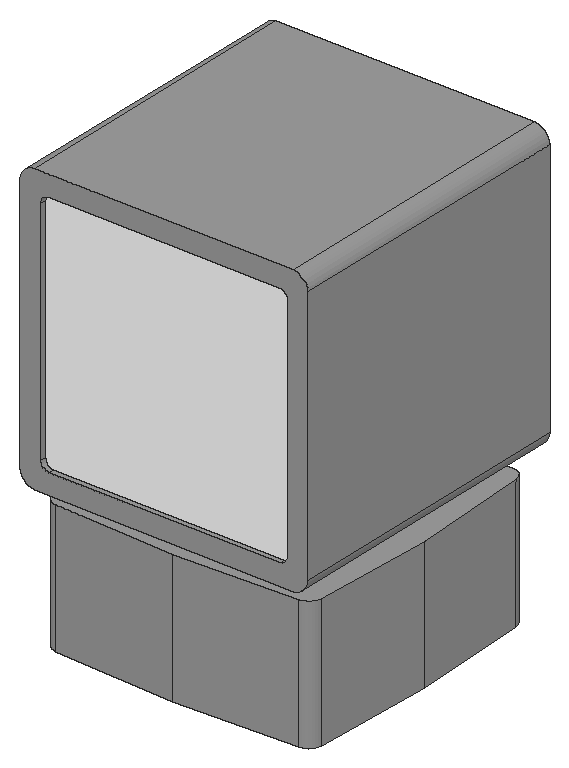
Revit family "3081025", category Lighting Fixtures, host Face, Revit 2018
Family settings
  Host = Face
  Round Connector Dimension = Use Diameter
  Part Type = Normal
  Cut with Voids When Loaded = No
  Light Source = Yes
  Shared = No
  Room Calculation Point = No
Parameters (values of type "3081025 INVERTO DIRECT NW EB BLACK")
  Weight = "n/a"
  Wattage Comments = "n/a"
  Wattage = 403.312 W
  WarrantyStartDate [instance] = "n/a"
  WarrantyGuarantorParts = "n/a"
  WarrantyDurationUnit = "n/a"
  WarrantyDurationParts = ""
  WarrantyDescription = "http://www.sylvania-lighting.com"
  built-in parameter 1150110 = 1 (stored number, unit not read)
  Voltage = 230 V
  URL = "0.95"
  TypeName = "INVERTO DIRECT NW EB BLACK"
  Type Image = <None>
  Type Comments = "n/a"
  built-in parameter 1114217 = 1 (stored number, unit not read)
  Tilt Angle = -90.00°
  built-in parameter 1150109 = 1 (stored number, unit not read)
  built-in parameter 1150134 = (empty or 0)
  built-in parameter 1150113 = 1 (stored number, unit not read)
  SerialNumber [instance] = "n/a"
  PowerFactor = 0
  PowerConsumption = "Lighting"
  Photometric Web File = "3081025.ies"
  NominalLength = 110 mm
  NominalHeight = 110 mm
  NominalDepth = 110 mm
  Name = "INVERTO DIRECT NW EB BLACK"
  ModelReference = "INVERTO DIRECT NW EB BLACK"
  ModelNumber = "3081025"
  Model = "INVERTO DIRECT NW EB BLACK"
  Material = "Feilo Sylvania"
  ManufacturerName = "101 lm/W"
  Manufacturer = ""
  LuminousEfficacy = ""
  built-in parameter 1150105 = 3145.3 (stored number, unit not read)
  Lumens = 39524.6 lm
  LuminaireType = "0"
  built-in parameter 1150115 = 1 (stored number, unit not read)
  LightOutputRatio = "LED"
  built-in parameter 1150137 = (empty or 0)
  built-in parameter 1150139 = (empty or 0)
  LampsType = Lamp  # "n/a"
  LampNominalLuminous = "4000 K"
  LampMacAdamStep = "80"
  LampColourTemperature = "LED"
  LampColourRenderingIndex = "16500"
  built-in parameter 1150112 = 1 (stored number, unit not read)
  built-in parameter 1150114 = 1 (stored number, unit not read)
  Lamp = "n/a"
  Keynote = "n/a"
  InstallationDate [instance] = "n/a"
  InputVoltage = "0"
  InputNominalFrequency = "4000"
  built-in parameter 1150132 = 2
  built-in parameter 1150102 = (empty or 0)
  built-in parameter 1150107 = 3000 (stored number, unit not read)
  built-in parameter 1150138 = (empty or 0)
  IngressProtection = "IfcLightFixtureType"
  ImpactProtectionIndex = "IfcLightFixtureType"
  built-in parameter 1150106 = 31.453 (stored number, unit not read)
  IfcExportType = "IfcLightFixtureType"
  IfcExportAs = "Class I"
  Housing material = Bronze, Architectural
  ExpectedLife = 50000
  Emit from Rectangle Width = 90 mm
  Emit from Rectangle Length = 90 mm
  Emit Shape Visible in Rendering = no
  ElectricShockClassification = "101"
  built-in parameter 1150104 = 9.1045 (stored number, unit not read)
  DurationUnit = "hours"
  DocumentationLiterature = "http://www.sylvania-lighting.com/product/en-int/products/3081025"
  DimmingControlOptions = "n/a"
  Dimming Lamp Color Temperature Shift = <None>
  Description = "Surface Wall mounted luminaire, wire to base with pluggable connection for easy installation,  suitable for looping, black coloured aluminium housing, 1,617lm, 16W, 101lm/W, 4000K, 350mA , CRI:80,  40° beam Angle, non-dimmable, IP65, IK07, 50,000hrs (L70),  162 x 110 x 110 mm."
  Default Elevation = 1219.2 mm
  CreatedOn = "23/06/2021"
  CreatedBy = "@sylvania-lighting.com"
  Cost = 0
  Color Filter = 16777215
  built-in parameter 1114216 [instance] = (empty or 0)
  Calculate Coefficient of Utilization = no
  BarCode [instance] = "n/a"
  built-in parameter 1114218 = 1 (stored number, unit not read)
  built-in parameter 1150133 = 10 (stored number, unit not read)
  AssetType = "Fixed"
  AssetIdentifier [instance] = "n/a"
  Assembly Code = "D5020200"
  Apparent Load = 16 VA
Reference planes
  plane 1 "Center (Front/Back)": y = 0
  plane 2: z = 0
  plane 3 "Center (Left/Right)": x = 0
  plane 4: x = 51
  plane 5: x = -51
  plane 6: y = -51
  plane 7: y = 51
  plane 8: x = -55
  plane 9: x = 55
  plane 10: y = 55
  plane 11: y = -55
  plane 12: z = 48
  plane 13: z = 162
  plane 14: z = 52
  plane 15: y = -40
  plane 16: y = 40
  plane 17: x = -40
  plane 18: x = 40
  plane 19: z = 62
  plane 20: z = 152
  plane 21: x = -45
  plane 22: x = 45
  plane 23: y = 48.5
  plane 24: x = -48.5
  plane 25: x = 48.5
  plane 26: y = -48.5
  plane 27: z = 107
  plane 28: z = 159
  plane 29: x = -52
  plane 30: z = 55
  plane 31: x = 52
Forms (mm)
  Extrusion 1, solid, material "Default", detail levels medium+fine
    sketch origin (0, 0, 0) x (0, 1, 0) y (0, 0, 1)
      loop
        line (-51, 48) -> (-51, 0) -> (51, 0) -> (51, 48) -> (-51, 48)
    from -51 to 51
  Extrusion 2, solid, material "Default", detail levels medium+fine
    sketch origin (0, 0, 0) x (0, 1, 0) y (0, 0, 1)
      loop
        line (-40, 48) -> (40, 48) -> (40, 55) -> (-40, 55) -> (-40, 48)
    from -40 to 40
  Extrusion 3, void, detail levels medium+fine
    sketch origin (0, 0, 0) x (1, 0, 0) y (0, 1, 0)
      loop
        arc (-44.399, 48.906) -> (-22.224, 50.476) -> (0, 51) r 471.7
        line (0, 51) -> (-51, 51) -> (-51, 0)
        arc (-51, 0) -> (-50.476, 22.224) -> (-48.906, 44.399) r 471.7
        arc (-48.906, 44.399) -> (-47.464, 47.464) -> (-44.399, 48.906) r 5
    from 0 to 48
  Extrusion 4, void, detail levels medium+fine
    sketch origin (0, 0, 0) x (-1, 0, 0) y (0, -1, 0)
      loop
        arc (-44.399, -48.906) -> (-47.464, -47.464) -> (-48.906, -44.399) r 5
        arc (-48.906, -44.399) -> (-50.476, -22.224) -> (-51, 0) r 471.7
        line (-51, 0) -> (-51, -51) -> (0, -51)
        arc (0, -51) -> (-22.224, -50.476) -> (-44.399, -48.906) r 471.7
    from 0 to 48
  Extrusion 5, void, detail levels medium+fine
    sketch origin (0, 0, 0) x (1, 0, 0) y (0, 1, 0)
      loop
        arc (-44.399, -48.906) -> (-47.464, -47.464) -> (-48.906, -44.399) r 5
        arc (-48.906, -44.399) -> (-50.476, -22.224) -> (-51, 0) r 471.7
        line (-51, 0) -> (-51, -51) -> (0, -51)
        arc (0, -51) -> (-22.224, -50.476) -> (-44.399, -48.906) r 471.7
    from 0 to 48
  Extrusion 6, void, detail levels medium+fine
    sketch origin (0, 0, 0) x (-1, 0, 0) y (0, -1, 0)
      loop
        arc (-44.399, 48.906) -> (-22.224, 50.476) -> (0, 51) r 471.7
        line (0, 51) -> (-51, 51) -> (-51, 0)
        arc (-51, 0) -> (-50.476, 22.224) -> (-48.906, 44.399) r 471.7
        arc (-48.906, 44.399) -> (-47.464, 47.464) -> (-44.399, 48.906) r 5
    from 0 to 48
  Extrusion 7, solid, material "Default", detail levels medium+fine
    sketch origin (0, 0, 0) x (1, 0, 0) y (0, 0, 1)
      loop
        arc (-47.19, 159.531) -> (-50.806, 157.806) -> (-52.531, 154.19) r 6
        arc (-52.531, 154.19) -> (-55, 107) -> (-52.531, 59.81) r 452.167
        arc (-52.531, 59.81) -> (-50.806, 56.194) -> (-47.19, 54.469) r 6
        arc (-47.19, 54.469) -> (0, 52) -> (47.19, 54.469) r 452.167
        arc (47.19, 54.469) -> (50.806, 56.194) -> (52.531, 59.81) r 6
        arc (52.531, 59.81) -> (55, 107) -> (52.531, 154.19) r 452.167
        arc (52.531, 154.19) -> (50.806, 157.806) -> (47.19, 159.531) r 6
        arc (47.19, 159.531) -> (0, 162) -> (-47.19, 159.531) r 452.167
    from -55 to 55
  Extrusion 8, solid, material "Bronze, Architectural" <- "Housing material", detail levels coarse
    sketch origin (0, 0, 0) x (1, 0, 0) y (0, 0, 1)
      loop
        line (-55, 162) -> (-55, 52) -> (55, 52) -> (55, 162) -> (-55, 162)
    from -55 to 55
  Extrusion 9, void
    sketch origin (1524, -55, 1219.2) x (-1, 0, 0) y (0, 0, 1)
      loop
        line (1566, -1067.2) -> (1482, -1067.2)
        arc (1482, -1067.2) -> (1479.879, -1068.079) -> (1479, -1070.2) r 3
        line (1479, -1070.2) -> (1479, -1154.2)
        arc (1479, -1154.2) -> (1479.879, -1156.321) -> (1482, -1157.2) r 3
        line (1482, -1157.2) -> (1566, -1157.2)
        arc (1566, -1157.2) -> (1568.121, -1156.321) -> (1569, -1154.2) r 3
        line (1569, -1154.2) -> (1569, -1070.2)
        arc (1569, -1070.2) -> (1568.121, -1068.079) -> (1566, -1067.2) r 3
    from 0 to 4
  Extrusion 10, solid, material "Diffuser-Sylvania-Glow"
    sketch origin (1524, -51, 1219.2) x (1, 0, 0) y (0, 0, 1)
      loop
        line (-1566, -1157.2) -> (-1482, -1157.2)
        arc (-1482, -1157.2) -> (-1479.879, -1156.321) -> (-1479, -1154.2) r 3
        line (-1479, -1154.2) -> (-1479, -1070.2)
        arc (-1479, -1070.2) -> (-1479.879, -1068.079) -> (-1482, -1067.2) r 3
        line (-1482, -1067.2) -> (-1566, -1067.2)
        arc (-1566, -1067.2) -> (-1568.121, -1068.079) -> (-1569, -1070.2) r 3
        line (-1569, -1070.2) -> (-1569, -1154.2)
        arc (-1569, -1154.2) -> (-1568.121, -1156.321) -> (-1566, -1157.2) r 3
    from 0 to 2
  Extrusion 11, solid, material "Bronze, Architectural" <- "Housing material", detail levels coarse
    sketch origin (0, 0, 0) x (1, 0, 0) y (0, 1, 0)
      loop
        line (-51, 51) -> (-51, -51) -> (51, -51) -> (51, 51) -> (-51, 51)
    from 0 to 48
Cuts and joins
  Extrusion 3, Extrusion 4, Extrusion 5, Extrusion 6 cuts Extrusion 1
  Extrusion 9 cuts Extrusion 2
  Extrusion 9 cuts Extrusion 7
  joined: Extrusion 2, Extrusion 7
  Extrusion 9 cuts Extrusion 8
Dimensions and locks
  equal spacing: plane 5, plane 3 "Center (Left/Right)", plane 4
  locked: plane 5 to plane 4 at 102
  equal spacing: plane 6, plane 1 "Center (Front/Back)", plane 7
  locked: plane 6 to plane 7 at 102
  equal spacing: plane 11, plane 1 "Center (Front/Back)", plane 10
  locked: plane 11 to plane 10 at 110
  equal spacing: plane 8, plane 3 "Center (Left/Right)", plane 9
  locked: plane 8 to plane 9 at 110
  locked: plane 12 to plane 2 at 48
  locked: plane 12 to plane 14 at 4
  locked: plane 13 to plane 2 at 162
  equal spacing: plane 15, plane 1 "Center (Front/Back)", plane 16
  locked: plane 15 to plane 16 at 80
  equal spacing: plane 17, plane 3 "Center (Left/Right)", plane 18
  locked: plane 17 to plane 18 at 80
  locked: plane 19 to plane 14 at 10
  locked: plane 13 to plane 20 at 10
  locked: plane 21 to plane 8 at 10
  locked: plane 9 to plane 22 at 10
  plane 19 to plane 14 = 10 mm
  locked: plane 27 to plane 2 at 107
  locked: plane 29 to plane 8 at 3
  locked: plane 13 to plane 28 at 3
  locked: plane 9 to plane 31 at 3
  locked: plane 30 to plane 14 at 3
  aligned and locked: plane 2 to host face
  aligned and locked: level to host face
  aligned and locked: plane 12 to Extrusion 1 sketch curve
  aligned and locked: Extrusion 1 sketch curve to plane 6
  aligned and locked: level to Extrusion 1 sketch curve
  aligned and locked: plane 7 to Extrusion 1 sketch curve
  aligned and locked: plane 4 to Extrusion 1
  aligned and locked: Extrusion 1 to plane 5
  aligned and locked: plane 12 to Extrusion 2 sketch curve
  aligned and locked: plane 15 to Extrusion 2 sketch curve
  aligned and locked: Extrusion 2 sketch curve to plane 16
  aligned and locked: Extrusion 3 sketch curve to Extrusion 1
  aligned and locked: Extrusion 3 to level
  aligned and locked: Extrusion 3 to plane 12
  aligned and locked: Extrusion 7 to plane 10
  aligned and locked: plane 11 to Extrusion 7
  aligned and locked: Extrusion 2 to plane 30
  aligned and locked: plane 13 to Extrusion 8 sketch curve
  aligned and locked: Extrusion 8 sketch curve to plane 14
  aligned and locked: Extrusion 8 sketch curve to plane 9
  aligned and locked: plane 11 to Extrusion 8
  aligned and locked: Extrusion 8 to plane 10
  aligned and locked: Extrusion 9 sketch curve to plane 20
  aligned and locked: plane 19 to Extrusion 9 sketch curve
  aligned and locked: plane 11 to Extrusion 9
  aligned and locked: Extrusion 9 to plane 6
  aligned and locked: Extrusion 10 to plane 6
  aligned and locked: plane 22 to Extrusion 9 sketch curve
  aligned and locked: Extrusion 9 sketch curve to plane 21
  aligned and locked: plane 21 to Extrusion 10 sketch curve
  aligned and locked: Extrusion 10 sketch curve to plane 22
  aligned and locked: plane 7 to Extrusion 11 sketch curve
  aligned and locked: plane 5 to Extrusion 11 sketch curve
  aligned and locked: Extrusion 11 sketch curve to plane 6
  aligned and locked: Extrusion 11 sketch curve to plane 4
  aligned and locked: Extrusion 11 to level
  aligned and locked: Extrusion 11 to plane 12
  aligned and locked: imposter light to Extrusion 10
  aligned and locked: imposter light to plane 27
Automatic sketch dimensions
  host sketch curve to host sketch curve = 2438.4 mm  (x2)
  Extrusion 3 sketch curve to plane 3 "Center (Left/Right)" = 0 mm
  plane 1 "Center (Front/Back)" to Extrusion 3 sketch curve = 0 mm
  plane 7 to Extrusion 3 sketch curve = 0 mm
  plane 21 to Extrusion 3 sketch curve = 1.072 mm
  plane 9 to Extrusion 3 sketch curve = 365.7 mm
  plane 11 to Extrusion 3 sketch curve = 365.7 mm
  Extrusion 3 sketch curve to plane 16 = 3.928 mm
  Extrusion 3 sketch curve to Extrusion 3 sketch curve = 0 mm
  plane 1 "Center (Front/Back)" to Extrusion 4 sketch curve = 0 mm
  Extrusion 4 sketch curve to plane 4 = 0 mm
  Extrusion 4 sketch curve to plane 3 "Center (Left/Right)" = 0 mm
  plane 7 to Extrusion 4 sketch curve = 0 mm
  plane 22 to Extrusion 4 sketch curve = 1.072 mm
  plane 8 to Extrusion 4 sketch curve = 365.7 mm
  Extrusion 4 sketch curve to plane 11 = 365.7 mm
  plane 16 to Extrusion 4 sketch curve = 3.928 mm
  Extrusion 4 sketch curve to Extrusion 4 sketch curve = 0 mm
  plane 1 "Center (Front/Back)" to Extrusion 5 sketch curve = 0 mm
  Extrusion 5 sketch curve to plane 5 = 0 mm
  Extrusion 5 sketch curve to plane 3 "Center (Left/Right)" = 0 mm
  plane 6 to Extrusion 5 sketch curve = 0 mm
  Extrusion 5 sketch curve to plane 21 = 1.072 mm
  Extrusion 5 sketch curve to plane 9 = 365.7 mm
  plane 10 to Extrusion 5 sketch curve = 365.7 mm
  Extrusion 5 sketch curve to plane 15 = 3.928 mm
  Extrusion 5 sketch curve to Extrusion 5 sketch curve = 0 mm
  plane 1 "Center (Front/Back)" to Extrusion 6 sketch curve = 0 mm
  Extrusion 6 sketch curve to plane 4 = 0 mm
  Extrusion 6 sketch curve to plane 3 "Center (Left/Right)" = 0 mm
  plane 6 to Extrusion 6 sketch curve = 0 mm
  Extrusion 6 sketch curve to plane 22 = 1.072 mm
  Extrusion 6 sketch curve to plane 8 = 365.7 mm
  Extrusion 6 sketch curve to plane 10 = 365.7 mm
  plane 15 to Extrusion 6 sketch curve = 3.928 mm
  Extrusion 6 sketch curve to Extrusion 6 sketch curve = 0 mm
  Extrusion 7 sketch curve to plane 27 = 0 mm  (x2)
  Extrusion 7 sketch curve to plane 3 "Center (Left/Right)" = 0 mm  (x2)
  Extrusion 7 sketch curve to plane 8 = 342.167 mm
  Extrusion 7 sketch curve to plane 21 = 1.564 mm
  Extrusion 7 sketch curve to plane 17 = 6.564 mm
  plane 18 to Extrusion 7 sketch curve = 6.564 mm  (x2)
  plane 9 to Extrusion 7 sketch curve = 342.167 mm
  plane 19 to Extrusion 7 sketch curve = 1.564 mm  (x2)
  Extrusion 7 sketch curve to level = 290.167 mm
  Extrusion 7 sketch curve to plane 20 = 1.564 mm  (x2)
  Extrusion 7 sketch curve to plane 13 = 342.167 mm
  Extrusion 7 sketch curve to Extrusion 7 sketch curve = 0 mm  (x7)
  Extrusion 7 sketch curve to plane 29 = 0.531 mm
  Extrusion 2 sketch curve to plane 14 = 3 mm
  Extrusion 8 sketch curve to plane 8 = 0 mm
  plane 18 to Extrusion 9 sketch curve = 2 mm  (x2)
  Extrusion 9 sketch curve to plane 17 = 2 mm  (x2)
  Extrusion 10 sketch curve to plane 19 = 0 mm
  Extrusion 10 sketch curve to plane 20 = 0 mm
  Extrusion 10 sketch curve to plane 17 = 2 mm  (x2)
  plane 18 to Extrusion 10 sketch curve = 2 mm  (x2)
Connectors
  electrical at (0, 0, 0), driven by "Apparent Load"
    settings: index 1, voltage 230 V, apparent load 16 VA, apparent load phase1 0 VA, apparent load phase2 0 VA, apparent load phase3 0 VA, power factor 0, load classification "Lighting", number of poles 1, system type 30, power factor state 1, is connector primary yes, connector utility no, sub classification motor no, connector description ""
